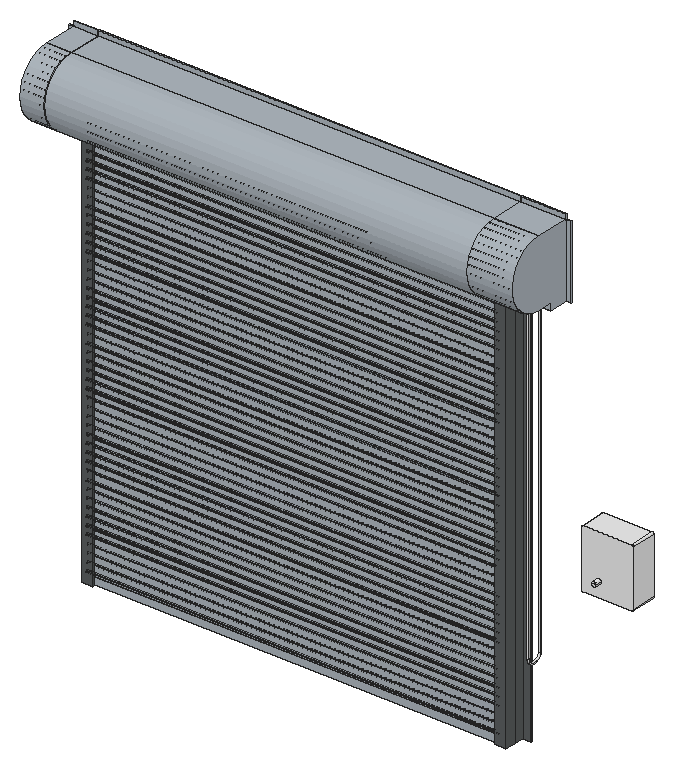
Revit family "Doors_Industrial_Wayne-Dalton_Advanced-Rolling-Door-System-Model-800C-ADV", category Specialty Equipment, host Wall, Revit 2023
Family settings
  Host = Wall
  Round Connector Dimension = Use Diameter
  Part Type = Normal
  OmniClass Number = 23.30.10.21.34
  OmniClass Title = Industrial Doors
  Enable Cutting in Views = No
  Always vertical = Yes
  Cut with Voids When Loaded = Yes
  Maintain Annotation Orientation = No
  Shared = No
  Room Calculation Point = No
Parameters (values of type "208 volts, one phase, 60 Hz (208-240V range)")
  X Motor [instance] = if(or(Opening Height < 72", Opening Height = 72"), 18 1/2", if(or(Opening Height < 108", Opening Height = 108"), 20", if(or(Opening Height < 168", Opening Height = 168"), 22", 22")))  # 22"
  X ChainH [instance] = if(or(Opening Height < 72", Opening Height = 72"), 18 1/2", if(or(Opening Height < 108", Opening Height = 108"), 20", if(or(Opening Height < 168", Opening Height = 168"), 22", 22")))  # 22"
  Warning Sign [instance] = if(Calculated Area > 683.00 SF, 1 = 1, 1 = 2)  # no
  Warning (Note) [instance] = if(Warning Sign, "The Door Area is out of the limit; please adjust accordingly. The maximum allowed area is 683 sq. ft.", " ")  # " "
  Wall Thickness [instance] = 6"
  Voltage = 208 V
  True Opening Width [instance] = Clear Width  # 120"
  True Opening Height [instance] = Clear Height  # 120"
  Slat Type [instance] = "№34"  # constant formula
  Slat Option [instance] = 2  # constant formula
  Slat Length [instance] = Clear Width + G Value * 2 - 1" / 2 * 2  # 126"
  Slat Height [instance] = if(Slat < 2, 13 205/256", 12 1/4")  # 12 1/4"
  Slat [instance] = if(Slat Option < 2, 1, if(Slat Option = 2, 2, if(Slat Option = 3, 3, 4)))  # 2
  Side Room Right [instance] = 18"  # constant formula
  Side Room Left [instance] = 12"  # constant formula
  Product Page URL = "https://www.wayne-dalton.com/advanced-rolling-door-systems-800adv"
  Power Factor = 1
  Powder Coat (Note) = "Wayne Dalton also offers approximately 200 RAL powder coat options to complement the exterior colors of a building."  # constant formula
  Operator Visibility = yes
  Opening Width Real [instance] = if(Opening Width > Max Opening Width, Max Opening Width, if(Opening Width < Min Opening Width, Min Opening Width, Opening Width))  # 120"
  Opening Width [instance] = 120"
  Opening Height Real [instance] = if(Opening Height > Max Opening Height, Max Opening Height, if(Opening Height < Min Opening Height, Min Opening Height, Opening Height))  # 120"
  Opening Height [instance] = 120"
  One Array element [instance] = not(Array Vis)  # no
  Number of Poles = 1
  Min Opening Width [instance] = 18"  # constant formula
  Min Opening Height [instance] = 24"  # constant formula
  Max Opening Width [instance] = 360"  # constant formula
  Max Opening Height [instance] = 360"  # constant formula
  Material Finish [instance] = 800C ADV : Standard - Gray
  M Value [instance] = if(or(Opening Width < 108", Opening Width = 108"), 5 3/4", if(or(Opening Width < 180", Opening Width = 180"), 6 1/4", if(or(Opening Width < 240", Opening Width = 240"), 7 1/4", 9 1/4")))  # 6 1/4"
  Jambs Offset L [instance] = 0"  # constant formula
  Jambs Offset R [instance] = 0"  # constant formula
  Installation Real [instance] = Wall Thickness  # 6"
  Hood Type [instance] = "Round Hood"  # constant formula
  Hood Offset [instance] = 2"  # constant formula
  Hood Material [instance] = Metal - Wayne Dalton - Gray
  Hood Height [instance] = if(Chain Hoist or Manual, Y ChainH - 2", Y Motor - 2")  # 20"
  Y Motor [instance] = if(or(Opening Height < 72", Opening Height = 72"), 18 1/2", if(or(Opening Height < 108", Opening Height = 108"), 20", if(or(Opening Height < 168", Opening Height = 168"), 22", 22")))  # 22"
  Y ChainH [instance] = if(or(Opening Height < 72", Opening Height = 72"), 18 1/2", if(or(Opening Height < 108", Opening Height = 108"), 20", if(or(Opening Height < 168", Opening Height = 168"), 22", 22")))  # 22"
  Headroom Height Lift [instance] = Y Motor + Hood Offset  # 24"
  Headroom Height [instance] = Headroom Height Lift + 1 1/2"  # 25 1/2"
  Guide Type [instance] = "Angled Z Guide"  # constant formula
  Guid Depth [instance] = D Value  # 6 1/4"
  G Value [instance] = if(or(Opening Width < 108", Opening Width = 108"), 3", if(or(Opening Width < 180", Opening Width = 180"), 3 1/2", if(or(Opening Width < 240", Opening Width = 240"), 4", 5 9/16")))  # 3 1/2"
  Frequency = 60 Hz
  Face Of Wall Mounting [instance] = not(Between Jambs Mounting)  # yes
  Door Width True [instance] = Clear Width + M Value * 2  # 132 1/2"
  Door Width (Real) [instance] = Clear Width + 1" / 2  # 120 1/2"
  Door Height True [instance] = Clear Width + Headroom Height  # 145 1/2"
  Door Height (Real) [instance] = Clear Height + Hood Offset  # 122"
  URL = "https://www.wayne-dalton.com/"
  Product data url = "https://www.bimobject.com/wayne-dalton/product/advanced-rolling-door-systems-800c-adv"
  Product Guid = "f01131cd-de44-4067-903c-a55bd3c12f99"
  Model = "800C ADV"  # constant formula
  Manufacturer = "Wayne Dalton"  # constant formula
  Wall Closure = By host
  Floor To (CL) of Shaft [instance] = Clear Height + Hood Offset + 2" + Hood Height / 2  # 134"
  Finish Material = Finish - Wayne Dalton - Black
  Description = "Model 800C ADV Insulated Advanced Rolling Door System R-Value 7.7, U-Factor 0.13, STC 22"  # constant formula
  Default Elevation = 0"
  D Value Clearance [instance] = D Value  # 6 1/4"
  D Value [instance] = if(or(Opening Width < 108", Opening Width = 108"), 5 11/16", if(or(Opening Width < 180", Opening Width = 180"), 6 1/4", if(or(Opening Width < 240", Opening Width = 240"), 6 3/16", 7 1/16")))  # 6 1/4"
  Clearance [instance] = no
  Clear Width [instance] = Opening Width Real  # 120"
  Clear Height [instance] = Opening Height Real  # 120"
  Chain Hoist or Manual = no
  Current = 20 A
  Between Jambs Mounting [instance] = 1 = 2  # no
  Bar [instance] = 1 = 1  # yes
  Backroom Depth [instance] = X Motor - 1 1/2"  # 20 1/2"
  BJ Opening Cut [instance] = 0"  # constant formula
  Array Vis [instance] = if(Array < 2, 1 = 2, 1 = 1)  # yes
  Array Real [instance] = if(Array < 2, 2, Array)  # 10
  Array Length [instance] = (Array) * Slat Height  # 122 1/2"
  Array [instance] = rounddown(([Door Height (Real)] - 3") / Slat Height) + 1  # 10
  Calculated Area [instance] = [Door Width (Real)] * [Door Height (Real)]  # 102.09 SF
  Apparent Load Phase 3 = if(Number of Poles = 1, 0 VA, (Voltage * Current * sqrt(3)) / 3)  # 0 VA
  Apparent Load Phase 2 = if(Number of Poles = 1, 0 VA, (Voltage * Current * sqrt(3)) / 3)  # 0 VA
  Apparent Load Phase 1 = if(Number of Poles = 1, Voltage * Current, (Voltage * Current * sqrt(3)) / 3)  # 4160 VA
Reference planes (in)
  plane 1 "Center (Front/Back)": y = -14.625
  plane 2 "Center (Left/Right)": x = 0
  plane 3 "Left": x = -60
  plane 4 "Right": x = 60
  plane 5 "Exterior": y = -8.625
  plane 6 "Interior": y = -14.625
  plane 7: z = 120
  plane 8 "Main": y = -20.23437
  plane 9 "Backroom Depth": y = -35.125
  plane 10 "Main Door Block": y = -14.625
  plane 11 "Bottom Bar": z = 2.75
  plane 12: y = -20.875
  plane 13: z = 125.25
  plane 14: z = 144
  plane 15: z = 122
  plane 16: z = 145.5
  plane 17: z = 0
  plane 18: z = 60
  plane 19: y = -20.125
  plane 20 "Double Main": y = -19.656
  plane 21 "Headroom Top": z = 145.5
  plane 22: z = 134
  plane 23: x = 63.5
  plane 24: x = -63.5
  plane 25: z = 113
  plane 26: z = 124
  plane 27: x = 62.75
  plane 28: z = 2.75
  plane 29: y = -20.125
  plane 30: z = 113
  plane 31: y = -20.125
  plane 32: z = 15
  plane 33: y = -20.125
  plane 34: z = 27.25
  plane 35: y = -20.125
  plane 36: z = 39.5
  plane 37: y = -20.125
  plane 38: z = 51.75
  plane 39: y = -20.125
  plane 40: z = 64
  plane 41: y = -20.125
  plane 42: z = 76.25
  plane 43: y = -20.125
  plane 44: z = 88.5
  plane 45: y = -20.125
  plane 46: z = 100.75
  plane 47: y = -20.125
Forms (in)
  Extrusion 1, void
    sketch origin (0, -14.625, 0) x (0, 0, -1) y (-1, 0, 0)
      loop
        line (-120, 60) -> (-120, -60) -> (0, -60) -> (0, 60) -> (-120, 60)
    from 0 to 6
  Extrusion 2, solid, material "Metal - Wayne Dalton - Gray" <- "Hood Material", visible <- "Bar"
    sketch origin (0, 0, 0) x (0, 1, 0) y (0, 0, 1)
      loop
        line (-14.875, 144) -> (-14.625, 144) -> (-14.625, 145.5) -> (-14.875, 145.5) -> (-14.875, 144)
    from -63.25 to 63.25
  Extrusion 3, solid, material "Clearance - Wayne Dalton - Red", visible <- "Clearance"
    sketch origin (0, 0, 0) x (1, 0, 0) y (0, 1, 0)
      loop
        line (78.25, -14.625) -> (60.25, -14.625) -> (60.25, -20.875) -> (78.25, -20.875) -> (78.25, -14.625)
      loop
        line (-60.25, -14.625) -> (-72.25, -14.625) -> (-72.25, -20.875) -> (-60.25, -20.875) -> (-60.25, -14.625)
    from 0 to 122
Lines and regions (in)
  symbolic lines, visible <- "Bar"
    curve 1: line (63.25, -14.625, 0) -> (-63.25, -14.625, 0)
    curve 2: line (-63.25, -14.875, 0) -> (63.25, -14.875, 0)
Text (in)
  text "Exterior" at (-74.96733, 27.31104, 0), in view "Ref. Level"
  text "Interior" at (-74.96733, -25.14366, 0), in view "Ref. Level"
  text "Exterior" at (0, 40.15149, 123.01588), in view "Right"
  text "Interior" at (0, -64.39139, 123.01588), in view "Right"
  text "Interior" at (0, -31.01599, 123.00693), in view "Left"
  text "Exterior" at (0, 54.57065, 123.00693), in view "Left"
Dimensions and locks (in)
  equal spacing: plane 3 "Left", plane 2 "Center (Left/Right)", plane 4 "Right"
  "Clear Width": plane 3 "Left" to plane 4 "Right"
  level to host wall = 459.59655"
  "Clear Height": level to plane 7
  locked: plane 11 "Bottom Bar" to level at 2.75
  locked: plane 12 to plane 8 "Main" at 0.64063
  "Array Length": plane 13 to plane 11 "Bottom Bar"
  "Backroom Depth": plane 9 "Backroom Depth" to plane 10 "Main Door Block"
  locked: plane 16 to plane 14 at 1.5
  locked: Extrusion 2 sketch curve to Extrusion 2 sketch curve at 0.25
  "Installation Real": plane 1 "Center (Front/Back)" to plane 5 "Exterior"
  "Wall Thickness": host wall to host wall
  equal spacing: plane 7, plane 18, plane 17
  locked: plane 8 "Main" to plane 19 at 0.10937
  locked: plane 8 "Main" to plane 20 "Double Main" at 0.57837
  "BJ Opening Cut": Extrusion 1 sketch curve to plane 7
  locked: Extrusion 2 sketch curve to Extrusion 2 sketch curve at 1.5
  "Hood Offset": plane 15 to plane 7
  "Headroom Height": plane 21 "Headroom Top" to plane 7
  "Floor To (CL) of Shaft": plane 22 to level
  "Jambs Offset R": plane 4 "Right" to Extrusion 1 sketch curve
  "Jambs Offset L": Extrusion 1 sketch curve to plane 3 "Left"
  "G Value": plane 23 to plane 4 "Right"
  "G Value": plane 3 "Left" to plane 24
  "Guid Depth": plane 12 to plane 1 "Center (Front/Back)"
  "Slat Height": plane 13 to plane 25
  equal spacing: group 1, group 3, group 4, group 5, group 6, group 7, group 8, group 9, group 10, group 2  (x3)
  locked: plane 23 to Extrusion 2 at 0.25
  locked: plane 24 to Extrusion 2 at 0.25
  locked: plane 26 to plane 15 at 2
  "Hood Height": plane 14 to plane 26
  locked: plane 4 "Right" to plane 27 at 2.75
  "D Value Clearance": Extrusion 3 sketch curve to Extrusion 3 sketch curve
  locked: plane 4 "Right" to Extrusion 3 sketch curve at 0.25
  "Side Room Right": Extrusion 3 sketch curve to Extrusion 3 sketch curve
  locked: Extrusion 3 sketch curve to plane 3 "Left" at 0.25
  "Side Room Left": Extrusion 3 sketch curve to Extrusion 3 sketch curve
  aligned and locked: plane 5 "Exterior" to host wall
  aligned and locked: host wall to plane 6 "Interior"
  aligned and locked: level to Extrusion 1 sketch curve
  aligned and locked: Extrusion 1 to plane 5 "Exterior"
  aligned and locked: plane 6 "Interior" to Extrusion 1
  aligned and locked: Extrusion 2 sketch curve to plane 16
  aligned and locked: Extrusion 2 sketch curve to plane 6 "Interior"
  aligned and locked: curve 1 to Extrusion 2  (x2)
  aligned and locked: curve 2 to Extrusion 2  (x2)
  aligned and locked: Extrusion 2 to curve 2
  aligned and locked: level to plane 17
  aligned and locked: plane 2 "Center (Left/Right)" to nested 1
  aligned and locked: nested 2 to plane 2 "Center (Left/Right)"
  aligned and locked: nested 3 to plane 18
  aligned and locked: plane 2 "Center (Left/Right)" to nested 3
  aligned and locked: plane 11 "Bottom Bar" to nested 5
  aligned and locked: plane 19 to nested 5
  aligned and locked: nested 3 to plane 19
  aligned and locked: plane 17 to nested 12
  aligned and locked: nested 12 to plane 2 "Center (Left/Right)"
  aligned and locked: nested 12 to plane 1 "Center (Front/Back)"
  aligned and locked: Extrusion 3 sketch curve to plane 1 "Center (Front/Back)"
  aligned and locked: plane 1 "Center (Front/Back)" to Extrusion 3 sketch curve
  aligned and locked: Extrusion 3 sketch curve to Extrusion 3 sketch curve
  aligned and locked: Extrusion 3 to level
  aligned and locked: plane 15 to Extrusion 3
  aligned and locked: plane 11 "Bottom Bar" to plane 28
  aligned and locked: plane 19 to plane 29
  aligned and locked: plane 25 to plane 30
  aligned and locked: plane 31 to plane 19
  aligned and locked: plane 10 "Main Door Block" to plane 1 "Center (Front/Back)"
Automatic sketch dimensions
  plane 23 to curve 1 = 1/4"
Nested families (in)
  nested 1: "Label Annotation 1" at (0, 18.375, 0), visible <- "Warning Sign", type "Label Annotation 1"
  nested 2: "Label Annotation 1" at (0, -41.625, 0) x (-1, 0, 0) z (0, 0, 1), visible <- "Warning Sign", type "Label Annotation 1"
  nested 3: "Warning Sign" at (0, -20.125, 60), visible <- "Warning Sign", type "Warning Sign"
    with Warning Sign no
  nested 4: "800C ADV" at (0, -20.125, 2.75), Slat Option <- "Slat Option", Opening Width <- "Slat Length", type <- "Material Finish", visible <- "Array Vis", type "Standard - Gray"
    with Void Width 3/4", Void Offset 1", Void Height 3/4", Slat Width 3/4", Slat Position + Offset 13.146", Slat Position 12 1/4", Slat Option 2, Secure-Vent no, Profile #34 yes, Perforation no, Opening Width 126", Integrated Cutout no, Half Void Width 3/8", Fenestration no, Cutout Width Offset 1", Cutout Vertical Offset 0.896", #4 no, # 34 yes
  nested 5: "800C ADV" at (0, -20.125, 2.75), visible <- "One Array element", Slat Option <- "Slat Option", Opening Width <- "Slat Length", type <- "Material Finish", type "Standard - Gray"
    with Void Width 3/4", Void Offset 1", Void Height 3/4", Slat Width 3/4", Slat Position + Offset 13.146", Slat Position 12 1/4", Slat Option 2, Secure-Vent no, Profile #34 yes, Perforation no, Opening Width 126", Integrated Cutout no, Half Void Width 3/8", Fenestration no, Cutout Width Offset 1", Cutout Vertical Offset 0.896", #4 no, # 34 yes
  nested 6: "800C ADV" at (0, -20.125, 113), Slat Option <- "Slat Option", Opening Width <- "Slat Length", type <- "Material Finish", visible <- "Array Vis", type "Standard - Gray"
    with Void Width 3/4", Void Offset 1", Void Height 3/4", Slat Width 3/4", Slat Position + Offset 13.146", Slat Position 12 1/4", Slat Option 2, Secure-Vent no, Profile #34 yes, Perforation no, Opening Width 126", Integrated Cutout no, Half Void Width 3/8", Fenestration no, Cutout Width Offset 1", Cutout Vertical Offset 0.896", #4 no, # 34 yes
  nested 7: "800C ADV" at (0, -20.125, 15), Slat Option <- "Slat Option", Opening Width <- "Slat Length", type <- "Material Finish", visible <- "Array Vis", type "Standard - Gray"
    with Void Width 3/4", Void Offset 1", Void Height 3/4", Slat Width 3/4", Slat Position + Offset 13.146", Slat Position 12 1/4", Slat Option 2, Secure-Vent no, Profile #34 yes, Perforation no, Opening Width 126", Integrated Cutout no, Half Void Width 3/8", Fenestration no, Cutout Width Offset 1", Cutout Vertical Offset 0.896", #4 no, # 34 yes
  nested 8: "800C ADV" at (0, -20.125, 27.25), Slat Option <- "Slat Option", Opening Width <- "Slat Length", type <- "Material Finish", visible <- "Array Vis", type "Standard - Gray"
    with Void Width 3/4", Void Offset 1", Void Height 3/4", Slat Width 3/4", Slat Position + Offset 13.146", Slat Position 12 1/4", Slat Option 2, Secure-Vent no, Profile #34 yes, Perforation no, Opening Width 126", Integrated Cutout no, Half Void Width 3/8", Fenestration no, Cutout Width Offset 1", Cutout Vertical Offset 0.896", #4 no, # 34 yes
  nested 9: "800C ADV" at (0, -20.125, 39.5), Slat Option <- "Slat Option", Opening Width <- "Slat Length", type <- "Material Finish", visible <- "Array Vis", type "Standard - Gray"
    with Void Width 3/4", Void Offset 1", Void Height 3/4", Slat Width 3/4", Slat Position + Offset 13.146", Slat Position 12 1/4", Slat Option 2, Secure-Vent no, Profile #34 yes, Perforation no, Opening Width 126", Integrated Cutout no, Half Void Width 3/8", Fenestration no, Cutout Width Offset 1", Cutout Vertical Offset 0.896", #4 no, # 34 yes
  nested 10: "800C ADV" at (0, -20.125, 51.75), Slat Option <- "Slat Option", Opening Width <- "Slat Length", type <- "Material Finish", visible <- "Array Vis", type "Standard - Gray"
    with Void Width 3/4", Void Offset 1", Void Height 3/4", Slat Width 3/4", Slat Position + Offset 13.146", Slat Position 12 1/4", Slat Option 2, Secure-Vent no, Profile #34 yes, Perforation no, Opening Width 126", Integrated Cutout no, Half Void Width 3/8", Fenestration no, Cutout Width Offset 1", Cutout Vertical Offset 0.896", #4 no, # 34 yes
  nested 11: "800C ADV" at (0, -20.125, 64), Slat Option <- "Slat Option", Opening Width <- "Slat Length", type <- "Material Finish", visible <- "Array Vis", type "Standard - Gray"
    with Void Width 3/4", Void Offset 1", Void Height 3/4", Slat Width 3/4", Slat Position + Offset 13.146", Slat Position 12 1/4", Slat Option 2, Secure-Vent no, Profile #34 yes, Perforation no, Opening Width 126", Integrated Cutout no, Half Void Width 3/8", Fenestration no, Cutout Width Offset 1", Cutout Vertical Offset 0.896", #4 no, # 34 yes
  nested 12: "Lifts" at (0, -14.625, 0) x (-1, 0, 0) z (0, 0, 1), type "Frame Unit"
    with Round Hood yes, Right Motor Position yes, No Hood no, Hood Height 22", Headroom Height Real 24", Half Hood Height 22", Shaft Offset 10", Radius Hood 10", Headroom Height 24", Header Width 20 1/2", Floor To (CL) of Shaft 134"
  nested 13: "800C ADV" at (0, -20.125, 76.25), Slat Option <- "Slat Option", Opening Width <- "Slat Length", type <- "Material Finish", visible <- "Array Vis", type "Standard - Gray"
    with Void Width 3/4", Void Offset 1", Void Height 3/4", Slat Width 3/4", Slat Position + Offset 13.146", Slat Position 12 1/4", Slat Option 2, Secure-Vent no, Profile #34 yes, Perforation no, Opening Width 126", Integrated Cutout no, Half Void Width 3/8", Fenestration no, Cutout Width Offset 1", Cutout Vertical Offset 0.896", #4 no, # 34 yes
  nested 14: "800C ADV" at (0, -20.125, 88.5), Slat Option <- "Slat Option", Opening Width <- "Slat Length", type <- "Material Finish", visible <- "Array Vis", type "Standard - Gray"
    with Void Width 3/4", Void Offset 1", Void Height 3/4", Slat Width 3/4", Slat Position + Offset 13.146", Slat Position 12 1/4", Slat Option 2, Secure-Vent no, Profile #34 yes, Perforation no, Opening Width 126", Integrated Cutout no, Half Void Width 3/8", Fenestration no, Cutout Width Offset 1", Cutout Vertical Offset 0.896", #4 no, # 34 yes
  nested 15: "800C ADV" at (0, -20.125, 100.75), Slat Option <- "Slat Option", Opening Width <- "Slat Length", type <- "Material Finish", visible <- "Array Vis", type "Standard - Gray"
    with Void Width 3/4", Void Offset 1", Void Height 3/4", Slat Width 3/4", Slat Position + Offset 13.146", Slat Position 12 1/4", Slat Option 2, Secure-Vent no, Profile #34 yes, Perforation no, Opening Width 126", Integrated Cutout no, Half Void Width 3/8", Fenestration no, Cutout Width Offset 1", Cutout Vertical Offset 0.896", #4 no, # 34 yes
Connectors (in)
  electrical at (95, -22.165, 59.98825), driven by "Apparent Load Phase 1", driven by "Apparent Load Phase 2", driven by "Apparent Load Phase 3", driven by "Power Factor", driven by "Voltage", driven by "Number of Poles"
    settings: on nested 12, index 1, voltage 208 V, apparent load 0 VA, apparent load phase1 4160 VA, apparent load phase2 0 VA, apparent load phase3 0 VA, power factor 1, load classification "Other", number of poles 1, system type 31, power factor state 1, is connector primary yes, connector utility no, sub classification motor no, connector description "Electrical Connector"
Definition of nested family "800C ADV"
  Parameters (values of type "Standard - Biege")
    Void Width [instance] = 3/4"  # constant formula
    Void Offset [instance] = if(Integrated Cutout, 0", 1")  # 1"
    Void Height [instance] = if([Secure-Vent], 2.2", 3/4")  # 3/4"
    Standard = yes
    Slat Width [instance] = if(Slat Option < 2, 7/8", 3/4")  # 7/8"
    Slat Position + Offset [instance] = Slat Position + Cutout Vertical Offset  # 14.696"
    Slat Position [instance] = if(Slat Option < 2, 2.76" * 5, 2.45" * 5)  # 13.8"
    Slat Option [instance] = 1
    Secure-Vent [instance] = if(Slat Option > 2, 1 = 1, 1 = 2)  # no
    Rough Height = 0"
    Profile #34 [instance] = or(# 34, [Secure-Vent])  # no
    Perforation [instance] = [Secure-Vent]  # no
    Half Void Width [instance] = Void Width / 2  # 3/8"
    Fenestration Large = no
    Fenestration [instance] = if(and(Integrated Cutout, not(Perforation)), 1 = 1, 1 = 2)  # no
    Cutout Width Offset [instance] = 1"  # constant formula
    Cutout Material Perforation = none
    Cutout Material = none
    Panel Material = none
    Opening Width [instance] = 123 5/8"
    Cutout Vertical Offset [instance] = 0.896"  # constant formula
    Default Elevation = 48"
    Integrated Cutout [instance] = if(and(Fenestration Large, Slat Option = 2), 1 = 1, if(and(Perforation, Slat Option > 2), 1 = 1, 1 = 2))  # no
    Analytic Construction = "<None>"
    #4 [instance] = if(Slat Option < 2, 1 = 1, 1 = 2)  # yes
    # 34 [instance] = if(Slat Option = 2, 1 = 1, 1 = 2)  # no
  Types (6): name | Standard | Fenestration Large
    Standard - White | yes | no
    Standard - Gray | yes | no
    Vision lites 0.75”x5” - Gray | no | yes
    Vision lites 0.75”x5” - Beige | no | yes
    Vision lites 0.75”x5” - White | no | yes
    Standard - Biege | yes | no
  Reference planes (in)
    plane 1 "Center (Front/Back)": y = 0
    plane 2: z = 0
    plane 3 "Center (Left/Right)": x = 0
    plane 4: x = -61.8125
    plane 5: x = 61.8125
    plane 6: y = 0.875
    plane 7: y = 0
    plane 8: y = 0.4375
    plane 9: y = 0.5
    plane 10: x = -60.8125
    plane 11: x = 60.8125
  Forms (in)
    Extrusion 1, solid, material <- "Panel Material", visible <- "Profile #34"
      sketch origin (0, -4.98186, 13.12534) x (0, 1, 0) y (0, 0, 1)
        loop
          arc (5.73195, -8.66795) -> (5.71054, -8.61155) -> (5.65711, -8.58356) r 0.085
          line (5.65711, -8.58356) -> (5.18025, -8.52611) -> (5.64695, -8.52611)
          arc (5.64695, -8.52611) -> (5.70705, -8.50122) -> (5.73195, -8.44111) r 0.085
          line (5.73195, -8.44111) -> (5.73195, -6.21795)
          arc (5.73195, -6.21795) -> (5.71054, -6.16155) -> (5.65711, -6.13356) r 0.085
          line (5.65711, -6.13356) -> (5.18025, -6.07611) -> (5.64695, -6.07611)
          arc (5.64695, -6.07611) -> (5.70705, -6.05122) -> (5.73195, -5.99111) r 0.085
          line (5.73195, -5.99111) -> (5.73195, -3.76795)
          arc (5.73195, -3.76795) -> (5.71054, -3.71155) -> (5.65711, -3.68356) r 0.085
          line (5.65711, -3.68356) -> (5.18025, -3.62611) -> (5.64695, -3.62611)
          arc (5.64695, -3.62611) -> (5.70705, -3.60122) -> (5.73195, -3.54111) r 0.085
          line (5.73195, -3.54111) -> (5.73195, -1.31795)
          arc (5.73195, -1.31795) -> (5.71054, -1.26155) -> (5.65711, -1.23356) r 0.085
          line (5.65711, -1.23356) -> (5.06395, -1.16211)
          arc (5.06395, -1.16211) -> (5.04824, -1.15387) -> (5.04194, -1.13729) r 0.025
          line (5.04194, -1.13729) -> (5.04194, -1.02403)
          arc (5.04194, -1.02403) -> (5.39312, -0.79238) -> (4.98194, -0.88137) r 0.214
          line (4.98194, -0.88137) -> (4.98194, -3.07421)
          arc (4.98194, -3.07421) -> (5.3755, -3.06636) -> (5.67195, -3.32534) r 0.54569
          line (5.67195, -3.32534) -> (5.67195, -3.54111)
          arc (5.67195, -3.54111) -> (5.66462, -3.55879) -> (5.64695, -3.56611) r 0.025
          line (5.64695, -3.56611) -> (5.04194, -3.56611) -> (5.04194, -3.47403)
          arc (5.04194, -3.47403) -> (5.39312, -3.24238) -> (4.98194, -3.33137) r 0.214
          line (4.98194, -3.33137) -> (4.98194, -5.52421)
          arc (4.98194, -5.52421) -> (5.3755, -5.51636) -> (5.67195, -5.77534) r 0.54569
          line (5.67195, -5.77534) -> (5.67195, -5.99111)
          arc (5.67195, -5.99111) -> (5.66462, -6.00879) -> (5.64695, -6.01611) r 0.025
          line (5.64695, -6.01611) -> (5.04194, -6.01611) -> (5.04194, -5.92403)
          arc (5.04194, -5.92403) -> (5.39312, -5.69238) -> (4.98194, -5.78137) r 0.214
          line (4.98194, -5.78137) -> (4.98194, -7.97421)
          arc (4.98194, -7.97421) -> (5.3755, -7.96636) -> (5.67195, -8.22534) r 0.54569
          line (5.67195, -8.22534) -> (5.67195, -8.44111)
          arc (5.67195, -8.44111) -> (5.66462, -8.45879) -> (5.64695, -8.46611) r 0.025
          line (5.64695, -8.46611) -> (5.04194, -8.46611) -> (5.04194, -8.37403)
          arc (5.04194, -8.37403) -> (5.39312, -8.14238) -> (4.98194, -8.23137) r 0.214
          line (4.98194, -8.23137) -> (4.98194, -10.42421)
          arc (4.98194, -10.42421) -> (5.3755, -10.41636) -> (5.67195, -10.67534) r 0.54569
          line (5.67195, -10.67534) -> (5.67195, -10.89111)
          arc (5.67195, -10.89111) -> (5.66462, -10.90879) -> (5.64695, -10.91611) r 0.025
          line (5.64695, -10.91611) -> (5.04194, -10.91611) -> (5.04194, -10.82403)
          arc (5.04194, -10.82403) -> (5.39312, -10.59238) -> (4.98194, -10.68137) r 0.214
          line (4.98194, -10.68137) -> (4.98194, -12.87421)
          arc (4.98194, -12.87421) -> (5.3755, -12.86636) -> (5.67195, -13.12534) r 0.54569
          line (5.67195, -13.12534) -> (5.67195, -13.34111)
          arc (5.67195, -13.34111) -> (5.66462, -13.35879) -> (5.64695, -13.36611) r 0.025
          line (5.64695, -13.36611) -> (5.04195, -13.36611) -> (5.04195, -13.2739)
          arc (5.04195, -13.2739) -> (5.39421, -13.04524) -> (4.98195, -13.12534) r 0.21392
          line (4.98195, -13.12534) -> (4.98195, -13.34111)
          arc (4.98195, -13.34111) -> (5.00684, -13.40122) -> (5.06695, -13.42611) r 0.085
          line (5.06695, -13.42611) -> (5.64695, -13.42611)
          arc (5.64695, -13.42611) -> (5.70705, -13.40122) -> (5.73195, -13.34111) r 0.085
          line (5.73195, -13.34111) -> (5.73195, -11.11795)
          arc (5.73195, -11.11795) -> (5.71054, -11.06155) -> (5.65711, -11.03356) r 0.085
          line (5.65711, -11.03356) -> (5.18025, -10.97611) -> (5.64695, -10.97611)
          arc (5.64695, -10.97611) -> (5.70705, -10.95122) -> (5.73195, -10.89111) r 0.085
          line (5.73195, -10.89111) -> (5.73195, -8.66795)
      from -61.8125 to 61.8125
    Extrusion 2, void
      sketch origin (0, 0, 0) x (0, 1, 0) y (0, 0, 1)
        loop
          line (1.125, 1.271) -> (1.125, 0.521) -> (1.875, 0.521) -> (1.875, 1.271) -> (1.125, 1.271)
        loop
          line (1.125, 4.031) -> (1.125, 3.281) -> (1.875, 3.281) -> (1.875, 4.031) -> (1.125, 4.031)
        loop
          line (1.125, 6.791) -> (1.125, 6.041) -> (1.875, 6.041) -> (1.875, 6.791) -> (1.125, 6.791)
        loop
          line (1.125, 9.551) -> (1.125, 8.801) -> (1.875, 8.801) -> (1.875, 9.551) -> (1.125, 9.551)
        loop
          line (1.125, 12.311) -> (1.125, 11.561) -> (1.875, 11.561) -> (1.875, 12.311) -> (1.125, 12.311)
      from -60.8125 to 60.8125
  Cuts and joins
    Extrusion 2 cuts Extrusion 1
  Lines and regions (in)
    reference lines
      curve 1: line (0, -4.98186, 12.78) -> (0, 10.3327, 12.78)
      curve 2: line (0, -2.86663, 14.696) -> (0, 7.97837, 14.696)
      curve 3: line (0, -2.86663, 11.936) -> (0, 7.97837, 11.936)
      curve 4: line (0, -2.86663, 9.176) -> (0, 7.97837, 9.176)
      curve 5: line (0, -2.86663, 6.416) -> (0, 7.97837, 6.416)
      curve 6: line (0, -2.86663, 0.896) -> (0, 7.97837, 0.896)
      curve 7: line (0, -2.86663, 3.656) -> (0, 7.97837, 3.656)
  Dimensions and locks (in)
    equal spacing: plane 4, plane 3 "Center (Left/Right)", plane 5
    "Opening Width": plane 4 to plane 5
    "Slat Width": plane 1 "Center (Front/Back)" to plane 6
    equal spacing: plane 1 "Center (Front/Back)", plane 8, plane 6
    "Half Void Width": plane 9 to plane 6
    "Cutout Width Offset": plane 4 to plane 10
    "Cutout Width Offset": plane 5 to plane 11
    "Void Height": Extrusion 2 sketch curve to Extrusion 2 sketch curve  (x5)
    "Void Width": Extrusion 2 sketch curve to Extrusion 2 sketch curve
    "Void Offset": plane 6 to Extrusion 2 sketch curve
    locked: curve 1 to level at 12.78
    "Slat Position": curve 6 to curve 2
    equal spacing: Extrusion 2 sketch curve, curve 3, Extrusion 2 sketch curve
    equal spacing: Extrusion 2 sketch curve, curve 4, Extrusion 2 sketch curve
    equal spacing: Extrusion 2 sketch curve, curve 6, Extrusion 2 sketch curve
    equal spacing: Extrusion 2 sketch curve, curve 5, Extrusion 2 sketch curve
    equal spacing: curve 6, curve 7, curve 5, curve 4, curve 3, curve 2
    equal spacing: Extrusion 2 sketch curve, curve 7, Extrusion 2 sketch curve
    "Cutout Vertical Offset": curve 6 to plane 2
    aligned and locked: plane 2 to level
    aligned and locked: plane 1 "Center (Front/Back)" to plane 7
    aligned and locked: plane 5 to Extrusion 1
    aligned and locked: plane 4 to Extrusion 1
    aligned and locked: plane 9 to nested 1
    aligned and locked: plane 3 "Center (Left/Right)" to nested 1
    aligned and locked: Extrusion 2 sketch curve to Extrusion 2 sketch curve  (x8)
    aligned and locked: plane 10 to Extrusion 2
    aligned and locked: plane 11 to Extrusion 2
    aligned and locked: plane 3 "Center (Left/Right)" to nested 2
    aligned and locked: plane 3 "Center (Left/Right)" to nested 3
    aligned and locked: plane 3 "Center (Left/Right)" to nested 4
    aligned and locked: plane 3 "Center (Left/Right)" to nested 5
    aligned and locked: plane 9 to nested 2
    aligned and locked: plane 9 to nested 3
    aligned and locked: plane 9 to nested 4
    aligned and locked: plane 9 to nested 5
    aligned and locked: plane 9 to nested 10
    aligned and locked: plane 9 to nested 9
    aligned and locked: plane 9 to nested 8
    aligned and locked: plane 9 to nested 7
    aligned and locked: plane 9 to nested 6
  Automatic sketch dimensions
    plane 1 "Center (Front/Back)" to curve 1 = 4.98186"
    plane 1 "Center (Front/Back)" to curve 7 = 2.86663"
    curve 1 to curve 2 = 2.11523"
    curve 5 to curve 7 = 0"
    curve 3 to curve 2 = 0"  (x2)
    curve 6 to curve 7 = 0"
    curve 4 to curve 3 = 0"
    curve 2 to plane 6 = 7.10337"
    curve 5 to plane 6 = 7.10337"
    curve 4 to curve 5 = 0"
    curve 6 to curve 5 = 0"
    curve 7 to curve 5 = 0"
    curve 2 to curve 1 = 2.35433"
    Extrusion 1 sketch curve to Extrusion 1 sketch curve = 0"  (x26)
    curve 1 to Extrusion 1 sketch curve = 4.98194"
    curve 1 to Extrusion 1 sketch curve = 0.53603"
    Extrusion 1 sketch curve to Extrusion 1 sketch curve = 0.06"  (x9)
    curve 1 to Extrusion 1 sketch curve = 0.81676"
    Extrusion 1 sketch curve to Extrusion 1 sketch curve = 0.02201"
    Extrusion 1 sketch curve to Extrusion 1 sketch curve = 0.00299"
    Extrusion 1 sketch curve to Extrusion 1 sketch curve = 0.025"  (x6)
    Extrusion 1 sketch curve to Extrusion 1 sketch curve = 0.1383"  (x4)
    Extrusion 1 sketch curve to Extrusion 1 sketch curve = 0.00862"  (x4)
    Extrusion 1 sketch curve to Extrusion 1 sketch curve = 0.12192"
    Extrusion 1 sketch curve to Extrusion 1 sketch curve = 0.21392"  (x5)
    Extrusion 1 sketch curve to Extrusion 1 sketch curve = 0.15392"
    Extrusion 1 sketch curve to Extrusion 1 sketch curve = 0.45808"  (x5)
    Extrusion 1 sketch curve to Extrusion 1 sketch curve = 0.58299"
    Extrusion 1 sketch curve to Extrusion 1 sketch curve = 0.01017"  (x5)
    curve 1 to Extrusion 1 sketch curve = 3.33821"
    curve 1 to Extrusion 1 sketch curve = 0.88821"
    Extrusion 1 sketch curve to Extrusion 1 sketch curve = 0.085"
    Extrusion 1 sketch curve to Extrusion 1 sketch curve = 1.75626"  (x4)
    Extrusion 1 sketch curve to Extrusion 1 sketch curve = 0.25114"  (x4)
    Extrusion 1 sketch curve to Extrusion 1 sketch curve = 0.00603"  (x3)
    Extrusion 1 sketch curve to Extrusion 1 sketch curve = 0.21577"  (x4)
    Extrusion 1 sketch curve to Extrusion 1 sketch curve = 0.2538"
    Extrusion 1 sketch curve to Extrusion 1 sketch curve = 0.06721"
    Extrusion 1 sketch curve to Extrusion 1 sketch curve = 0.04697"
    Extrusion 1 sketch curve to Extrusion 1 sketch curve = 0.09209"
    Extrusion 1 sketch curve to Extrusion 1 sketch curve = 0.14265"
    Extrusion 1 sketch curve to Extrusion 1 sketch curve = 0.11326"
  Nested families (in)
    nested 1: "Perforation" at (0, 0.5, 0.896), visible <- "Fenestration", Perforation <- "Cutout Material", type "Perforation"
      with Thickness 3/4"
    nested 2: "Perforation" at (0, 0.5, 3.656), visible <- "Fenestration", Perforation <- "Cutout Material", type "Perforation"
      with Thickness 3/4"
    nested 3: "Perforation" at (0, 0.5, 6.416), visible <- "Fenestration", Perforation <- "Cutout Material", type "Perforation"
      with Thickness 3/4"
    nested 4: "Perforation" at (0, 0.5, 9.176), visible <- "Fenestration", Perforation <- "Cutout Material", type "Perforation"
      with Thickness 3/4"
    nested 5: "Perforation" at (0, 0.5, 11.936), visible <- "Fenestration", Perforation <- "Cutout Material", type "Perforation"
      with Thickness 3/4"
    nested 6: "Perforation" at (0, 0.5, 11.936), visible <- "Perforation", Perforation <- "Cutout Material Perforation", type "Perforation"
      with Perforation none, Thickness 3/4"
    nested 7: "Perforation" at (0, 0.5, 9.176), visible <- "Perforation", Perforation <- "Cutout Material Perforation", type "Perforation"
      with Perforation none, Thickness 3/4"
    nested 8: "Perforation" at (0, 0.5, 6.416), visible <- "Perforation", Perforation <- "Cutout Material Perforation", type "Perforation"
      with Perforation none, Thickness 3/4"
    nested 9: "Perforation" at (0, 0.5, 3.656), visible <- "Perforation", Perforation <- "Cutout Material Perforation", type "Perforation"
      with Perforation none, Thickness 3/4"
    nested 10: "Perforation" at (0, 0.5, 0.896), visible <- "Perforation", Perforation <- "Cutout Material Perforation", type "Perforation"
      with Perforation none, Thickness 3/4"
  Definition of nested family "Perforation"
    Parameters (values of type "Perforation")
      Thickness = 0.06"
      Perforation [instance] = none
      Opening Width = 123 5/8"
      Offset = 1"
      Height = 3/4"
      Default Elevation = 48"
    Reference planes (in)
      plane 1 "Center (Front/Back)": y = 0
      plane 2: z = 0
      plane 3 "Center (Left/Right)": x = 0
      plane 4: z = 0.375
      plane 5: z = -0.375
      plane 6: y = -0.03
      plane 7: y = 0.03
      plane 8: x = -61.8125
      plane 9: x = 61.8125
      plane 10: x = -60.8125
      plane 11: x = 60.8125
    Forms (in)
      Extrusion 1, solid, material <- "Perforation"
        sketch origin (0, -0.19, 0) x (0, 1, 0) y (0, 0, 1)
          loop
            line (0.16, 0.375) -> (0.16, -0.375) -> (0.22, -0.375) -> (0.22, 0.375) -> (0.16, 0.375)
        from -60.8125 to 60.8125
    Dimensions and locks (in)
      equal spacing: plane 4, level, plane 5
      "Height": plane 4 to plane 5
      equal spacing: plane 6, plane 1 "Center (Front/Back)", plane 7
      "Thickness": plane 6 to plane 7
      "Opening Width": plane 8 to plane 9
      "Offset": plane 8 to plane 10
      "Offset": plane 9 to plane 11
      equal spacing: plane 8, plane 3 "Center (Left/Right)", plane 9
      aligned and locked: plane 2 to level
      aligned and locked: plane 4 to Extrusion 1
      aligned and locked: Extrusion 1 to plane 5
      aligned and locked: plane 6 to Extrusion 1
      aligned and locked: plane 7 to Extrusion 1
      aligned and locked: Extrusion 1 to plane 10
      aligned and locked: plane 11 to Extrusion 1
    Automatic sketch dimensions
      Extrusion 1 sketch curve to level = 3/8"
      plane 1 "Center (Front/Back)" to Extrusion 1 sketch curve = 0.03"
      Extrusion 1 sketch curve to plane 1 "Center (Front/Back)" = 0.03"
      plane 4 to Extrusion 1 sketch curve = 0"
Definition of nested family "Lifts"
  Parameters (values of type "Frame Unit")
    True Width = if(Between Jambs, Opening Width, Opening Width + 1/2")  # 120 1/2"
    Slat Option = 1
    Side Clearance R Real = Side Clearance R + 1/4"  # 18 1/4"
    Side Clearance R = 18"
    Side Clearance L Real = Side Clearance L + 1/4"  # 12 1/4"
    Side Clearance L = 12"
    Round Hood [instance] = 1 = 1  # yes
    Rough Width = 0"
    Rough Height = 0"
    Right Motor Position [instance] = yes
    No Hood [instance] = no
    M Value = 6 1/4"
    Hood Offset = 2"
    Hood Height = Headroom Height Real - Hood Offset  # 18 1/2"
    Headroom Height Real = Headroom Height  # 20 1/2"
    Half Hood Height = Headroom Height - Hood Offset  # 18 1/2"
    Guide Z Wide R = M Value - G Value  # 2 3/4"
    Guide Z Wide L = M Value - G Value  # 2 3/4"
    Guide Offset R = BJ Displacement R + G Value  # 3 1/2"
    Guide Offset L = BJ Displacement L + G Value  # 3 1/2"
    G Value = 3 1/2"
    E Guide Width R = if(Between Jambs, Guide Offset R - G Value, 3")  # 3"
    E Guide Width L = if(Between Jambs, Guide Offset L - G Value, 3")  # 3"
    E Guide Height = 3"  # constant formula
    Z Guide = 1 = 1  # yes
    Slat Material = none
    Shaft Offset = (Hood Height - 2") / 2  # 8 1/4"
    Shaft Material = none
    Shaft Length 2 = G Value + 4"  # 7 1/2"
    Shaft Length 1 = G Value + 4"  # 7 1/2"
    Setback = if(Between Jambs, 0", 1/4")  # 1/4"
    Radius Hood = Shaft Offset  # 8 1/4"
    Opening Width = 120"
    Hood Material = none
    Headroom Height = 20 1/2"
    Header Width = 17"
    Opening Height = 120"
    Guide Type = if(Between Jambs, "Angled Between Jambs Z Guide", if(Guide Option > 1, "Angled Z Guide", "Angled E Guide"))  # "Angled Z Guide"
    Guide Option = if(Between Jambs, 1, 2)  # 2
    Guide Z Height = 3"  # constant formula
    Floor To (CL) of Shaft = 132 1/4"
    Finish Material = none
    Face to Wall Mount = not(Between Jambs)  # yes
    E Guide = if(Between Jambs, 1 = 1, 1 = 2)  # no
    Default Elevation = 0"
    D Value = 6 1/4"
    Chain offset = if(Opening Height < 35", Opening Height - 5", 30")  # 30"
    Between Jambs = no
    BJ Position = if(Between Jambs, 1/4", 0")  # 0"
    BJ Displacement R = if(Face to Wall Mount, 0", Side Clearance R - G Value)  # 0"
    BJ Displacement L = if(Face to Wall Mount, 0", Side Clearance L - G Value)  # 0"
    Angled Guide = 1 = 1  # yes
  Reference planes (in)
    plane 1 "Center (Front/Back)": y = 0
    plane 2: z = 0
    plane 3 "Center (Left/Right)": x = 0
    plane 4 "Opening Height": z = 120
    plane 5: x = -67.5
    plane 6: x = 67.5
    plane 7: z = 140.5
    plane 8: y = 17
    plane 9 "Real Opening 2": x = -60
    plane 10 "Real Opening 1": x = 60
    plane 11: z = 122
    plane 12 "Main": y = 0
    plane 13: z = 132.25
    plane 14: x = 63.5
    plane 15: x = -63.5
    plane 16: x = -63.5
    plane 17: x = 63.5
    plane 18: y = 6.25
    plane 19: x = -63.25
    plane 20: x = 63.25
    plane 21: z = 142
    plane 22: y = 6.25
    plane 23: y = 5.125
    plane 24: y = 6.25
    plane 25: y = 5.125
    plane 26: x = 70.75
    plane 27: x = -76.75
    plane 28: x = 70.5
    plane 29: x = -76.5
    plane 30: x = -95
    plane 31: z = 60
    plane 32: y = 7.54
    plane 33: z = 124
    plane 34: z = 30
    plane 35: z = 0
    plane 36: x = -74
    plane 37: x = -78.25
    plane 38: x = 72.25
  Forms (in)
    Extrusion 1, solid, material <- "Slat Material"
      sketch origin (0, 0, 0) x (0, 1, 0) y (0, 0, 1)
        loop
          line (5.5, 2.375) -> (5.5, 2.75) -> (4.75, 2.75) -> (4.75, 2.375) -> (5.5, 2.375)
      from -63.25 to 63.25
    Extrusion 2, solid, material <- "Slat Material"
      sketch origin (0, 0, 0) x (0, 1, 0) y (0, 0, 1)
        loop
          line (5.5, 2.375) -> (4.75, 2.375) -> (4.75, 0) -> (5.5, 0) -> (5.5, 2.375)
      from -63.25 to 63.25
    Extrusion 3, solid, material <- "Shaft Material"
      sketch origin (0, -5.35201, 0) x (0, 1, 0) y (0, 0, 1)
        loop
          circle (14.10201, 132.25) r 0.6
      from -76.5 to 70.5
    Extrusion 4, solid, material <- "Hood Material"
      sketch origin (0, 0, 0) x (0, 1, 0) y (0, 0, 1)
        loop
          line (0, 140.5) -> (0, 122) -> (6, 122) -> (6, 124) -> (8.75, 124)
          arc (8.75, 124) -> (17, 132.25) -> (8.75, 140.5) r 8.25
          line (8.75, 140.5) -> (0, 140.5)
      from -76.75 to 70.75
    Extrusion 5, solid, material <- "Finish Material", visible <- "Z Guide"
      sketch origin (0, 0, 0) x (1, 0, 0) y (0, 1, 0)
        loop
          line (66.25, 0) -> (66.25, 0.062)
          arc (66.25, 0.062) -> (66.19494, 0.19494) -> (66.062, 0.25) r 0.188
          line (66.062, 0.25) -> (63.75, 0.25) -> (63.75, 2.812)
          arc (63.75, 2.812) -> (63.69494, 2.94494) -> (63.562, 3) r 0.188
          line (63.562, 3) -> (63.5, 3) -> (63.5, 0) -> (66.25, 0)
        loop
          line (-66.25, 0) -> (-63.5, 0) -> (-63.5, 3) -> (-63.562, 3)
          arc (-63.562, 3) -> (-63.69494, 2.94494) -> (-63.75, 2.812) r 0.188
          line (-63.75, 2.812) -> (-63.75, 0.25) -> (-66.062, 0.25)
          arc (-66.062, 0.25) -> (-66.19494, 0.19494) -> (-66.25, 0.062) r 0.188
          line (-66.25, 0.062) -> (-66.25, 0)
      from 0 to 122
    Extrusion 6, solid, material <- "Finish Material", visible <- "Angled Guide"
      sketch origin (0, 0, 0) x (1, 0, 0) y (0, 1, 0)
        loop
          line (60.25, 6.25) -> (60.25, 6.187)
          arc (60.25, 6.187) -> (60.30477, 6.05477) -> (60.437, 6) r 0.187
          line (60.437, 6) -> (63.25, 6) -> (63.25, 4.25) -> (60.25, 4.25) -> (60.25, 4.187)
          arc (60.25, 4.187) -> (60.30477, 4.05477) -> (60.437, 4) r 0.187
          line (60.437, 4) -> (63, 4) -> (63, 2) -> (63.5, 2) -> (63.5, 6.25) -> (60.25, 6.25)
        loop
          line (-60.25, 6.25) -> (-63.5, 6.25) -> (-63.5, 2) -> (-63, 2) -> (-63, 4) -> (-60.437, 4)
          arc (-60.437, 4) -> (-60.30477, 4.05477) -> (-60.25, 4.187) r 0.187
          line (-60.25, 4.187) -> (-60.25, 4.25) -> (-63.25, 4.25) -> (-63.25, 6) -> (-60.437, 6)
          arc (-60.437, 6) -> (-60.30477, 6.05477) -> (-60.25, 6.187) r 0.187
          line (-60.25, 6.187) -> (-60.25, 6.25)
      from 0 to 120
    Extrusion 7, solid, material <- "Hood Material"
      sketch origin (0, 35, 0) x (0, 1, 0) y (0, 0, 1)
        loop
          line (-35, 140.5) -> (-35, 122) -> (-29, 122) -> (-29, 124) -> (-26.25, 124)
          arc (-26.25, 124) -> (-18, 132.25) -> (-26.25, 140.5) r 8.25
          line (-26.25, 140.5) -> (-35, 140.5)
      from -76.75 to 70.75
    Extrusion 8, void
      sketch origin (0, 0, 0) x (0, 1, 0) y (0, 0, 1)
        loop
          line (0, 140.5) -> (0, 122) -> (17, 122) -> (17, 140.5) -> (0, 140.5)
      from -63.25 to 63.5
    Extrusion 9, solid, material <- "Hood Material"
      sketch origin (0, 0, 0) x (1, 0, 0) y (0, 0, 1)
        loop
          line (-63.5, 140.5) -> (-63.5, 142) -> (-78.25, 142) -> (-78.25, 122) -> (-76.75, 122) -> (-76.75, 140.5) -> (-63.5, 140.5)
        loop
          line (63.5, 140.5) -> (70.75, 140.5) -> (70.75, 122) -> (72.25, 122) -> (72.25, 142) -> (63.5, 142) -> (63.5, 140.5)
      from 0 to -0.25
    Extrusion 10, void
      sketch origin (0, 0, 0) x (1, 0, 0) y (0, 0, 1)
        loop
          line (-76.75, 140.5) -> (-76.75, 142) -> (-78.75, 142) -> (-78.75, 140.5) -> (-76.75, 140.5)
        loop
          line (70.75, 140.5) -> (72.75, 140.5) -> (72.75, 142) -> (70.75, 142) -> (70.75, 140.5)
      from -0.71968 to 0.40528
    Extrusion 11, solid, material <- "Shaft Material"
      sketch origin (-95, 0, 60) x (-1, 0, 0) y (0, 0, -1)
        loop
          arc (7.25, -8.8945) -> (7.60355, -8.74805) -> (7.75, -8.3945) r 0.5
          line (7.75, -8.3945) -> (7.75, 8.418)
          arc (7.75, 8.418) -> (7.60355, 8.77155) -> (7.25, 8.918) r 0.5
          line (7.25, 8.918) -> (-7.25, 8.918)
          arc (-7.25, 8.918) -> (-7.60355, 8.77155) -> (-7.75, 8.418) r 0.5
          line (-7.75, 8.418) -> (-7.75, -8.3945)
          arc (-7.75, -8.3945) -> (-7.60355, -8.74805) -> (-7.25, -8.8945) r 0.5
          line (-7.25, -8.8945) -> (7.25, -8.8945)
      from 0 to -7.54
    Revolve 12, solid, material <- "Shaft Material", visible <- "Right Motor Position"
      sketch origin (-95, 0, 55.48825) x (-1, 0, 0) y (0, -1, 0)
        loop
          line (-2.6811, -7.54) -> (-2.6811, -9.312) -> (-2.0811, -9.312) -> (-1.9311, -7.54) -> (-2.6811, -7.54)
        axis (-2.6811, -7.54) -> (-2.6811, -9.312)
      angle from 0 to 360
    Sweep 13, solid, material <- "Shaft Material"
      path origin (-74, 28.875, 1000) x (0, 1, 0) y (0, 0, 1)
        loop
          line (-18.08594, -875.5) -> (-18.08594, -970)
          arc (-18.08594, -970) -> (-19.98047, -971.89453) -> (-21.875, -970) r 1.89453
          line (-21.875, -970) -> (-21.875, -876)
      profile origin (-74, 10.78906, 77.25) x (1, 0, 0) y (0, 1, 0)
        loop
          circle (0, 0.2675) r 0.2675
  Cuts and joins
    Extrusion 8 cuts Extrusion 4
    Extrusion 10 cuts Extrusion 9
  Lines and regions (in)
    Masking region 1
      outline origin (0, 0, 0) x (1, 0, 0) y (0, 1, 0)
        loop
          line (-63.5, 17) -> (-63.5, 0) -> (63.5, 0) -> (63.5, 17) -> (-63.5, 17)
    Masking region 2
      outline origin (-95, 0, 60) x (-1, 0, 0) y (0, -1, 0)
        loop
          line (-7.75, -7.54) -> (7.75081, -7.54) -> (7.75081, 0) -> (-7.75, 0) -> (-7.75, -7.54)
    Masking region 3
      outline origin (-95, 0, 60) x (-1, 0, 0) y (0, -1, 0)
        loop
          line (-3.2811, -9.312) -> (-2.0811, -9.312) -> (-1.9311, -7.54) -> (-3.4311, -7.54) -> (-3.2811, -9.312)
    Masking region 4
      outline origin (0, 0, 0) x (1, 0, 0) y (0, 1, 0)
        loop
          line (-76.75, 17) -> (-76.75, 0.25) -> (-78.25, 0.25) -> (-78.25, 0) -> (-63.5, 0) -> (-63.5, 17) -> (-76.75, 17)
        loop
          line (63.5, 0) -> (72.25, 0) -> (72.25, 0.25) -> (70.75, 0.25) -> (70.75, 17) -> (63.5, 17) -> (63.5, 0)
    symbolic lines
      curve 1: line (-63.25, 0, 0) -> (-63.25, 17, 0)
      curve 2: line (63.25, 17, 0) -> (63.25, 0, 0)
      curve 5: line (-78.25, 0.25, 0) -> (-63.5, 0.25, 0)
      curve 6: line (63.5, 0.25, 0) -> (72.25, 0.25, 0)
    reference lines
      curve 3: line (-95, 0, 60) -> (-107, 0, 60)
      curve 4: line (-95, 0, 55.48825) -> (-107, 0, 55.48825)
  Dimensions and locks (in)
    Extrusion 1 sketch curve to level = 2 3/8"
    locked: Extrusion 1 sketch curve to Extrusion 1 sketch curve at 0.75
    locked: Extrusion 2 sketch curve to level at 2.375
    "Headroom Height Real": plane 7 to plane 4 "Opening Height"
    plane 8 to plane 1 "Center (Front/Back)" = 17"
    "Opening Height": plane 4 "Opening Height" to level
    "Hood Offset": plane 11 to plane 4 "Opening Height"
    "BJ Position": plane 12 "Main" to plane 1 "Center (Front/Back)"
    "Header Width": plane 12 "Main" to plane 8
    "Floor To (CL) of Shaft": plane 13 to level
    "Shaft Offset": Extrusion 3 sketch curve to plane 8
    locked: Extrusion 2 sketch curve to Extrusion 2 sketch curve at 0.75
    "Guide Offset L": plane 10 "Real Opening 1" to plane 14
    "Guide Offset R": plane 15 to plane 9 "Real Opening 2"
    locked: Extrusion 5 sketch curve to Extrusion 5 sketch curve at 0.25  (x4)
    "Guide Z Wide L": Extrusion 5 sketch curve to Extrusion 5 sketch curve
    "Guide Z Height": Extrusion 5 sketch curve to Extrusion 5 sketch curve  (x2)
    "Guide Z Wide R": Extrusion 5 sketch curve to Extrusion 5 sketch curve
    locked: Extrusion 6 sketch curve to Extrusion 6 sketch curve at 0.25  (x6)
    locked: Extrusion 6 sketch curve to Extrusion 6 sketch curve at 2.25  (x2)
    locked: Extrusion 6 sketch curve to Extrusion 6 sketch curve at 4.25  (x2)
    "Setback": plane 10 "Real Opening 1" to Extrusion 6 sketch curve
    "Setback": Extrusion 6 sketch curve to plane 9 "Real Opening 2"
    "G Value": Extrusion 5 sketch curve to plane 9 "Real Opening 2"
    "G Value": plane 10 "Real Opening 1" to Extrusion 5 sketch curve
    "G Value": plane 10 "Real Opening 1" to plane 17
    "G Value": plane 16 to plane 9 "Real Opening 2"
    "Shaft Length 1": plane 5 to plane 9 "Real Opening 2"
    "Shaft Length 2": plane 6 to plane 10 "Real Opening 1"
    locked: Extrusion 2 to plane 17 at 0.25
    locked: Extrusion 2 to plane 16 at 0.25
    locked: plane 16 to plane 19 at 0.25
    locked: plane 20 to plane 17 at 0.25
    equal spacing: plane 9 "Real Opening 2", plane 3 "Center (Left/Right)", plane 10 "Real Opening 1"
    "Opening Width": plane 9 "Real Opening 2" to plane 10 "Real Opening 1"
    locked: plane 21 to plane 7 at 1.5
    "D Value": plane 1 "Center (Front/Back)" to plane 18
    "D Value": plane 22 to plane 1 "Center (Front/Back)"
    locked: plane 22 to plane 23 at 1.125
    equal spacing: Extrusion 1 sketch curve, plane 23, Extrusion 1 sketch curve
    "D Value": plane 24 to plane 1 "Center (Front/Back)"
    locked: plane 24 to plane 25 at 1.125
    equal spacing: Extrusion 2 sketch curve, plane 25, Extrusion 2 sketch curve
    "G Value": plane 10 "Real Opening 1" to Extrusion 6 sketch curve
    "G Value": Extrusion 6 sketch curve to plane 9 "Real Opening 2"
    locked: Extrusion 4 sketch curve to Extrusion 4 sketch curve at 6
    "Shaft Offset": Extrusion 4 sketch curve to plane 8
    locked: Extrusion 4 sketch curve to plane 11 at 2
    Extrusion 5 to plane 8 = 17"
    locked: Extrusion 7 sketch curve to Extrusion 7 sketch curve at 6
    "Shaft Offset": Extrusion 7 sketch curve to plane 8
    locked: Extrusion 7 sketch curve to plane 11 at 2
    locked: plane 26 to plane 28 at 0.25
    locked: plane 29 to plane 27 at 0.25
    locked: Extrusion 9 to Extrusion 9 at 0.25
    locked: Extrusion 10 sketch curve to Extrusion 10 sketch curve at 2  (x2)
    locked: Extrusion 10 sketch curve to Extrusion 10 sketch curve at 1.5  (x2)
    locked: Extrusion 10 to plane 1 "Center (Front/Back)" at 0.40528
    locked: Extrusion 10 to Extrusion 10 at 1.12497
    locked: Extrusion 10 to Extrusion 10 at 2
    locked: Extrusion 9 sketch curve to Extrusion 9 sketch curve at 1.5  (x2)
    locked: cut or joined group of Extrusion 9, Extrusion 10 to cut or joined group of Extrusion 9, Extrusion 10 at 0.25
    Masking region 2 sketch curve to Masking region 2 sketch curve = 15.50081"
    locked: Masking region 2 sketch curve to Masking region 2 sketch curve at 7.54
    locked: curve 3 to curve 3 at 12
    locked: curve 4 to curve 4 at 12
    locked: plane 31 to curve 4 at 4.51175
    locked: plane 31 to plane 2 at 60
    locked: Revolve 12 sketch curve to Revolve 12 sketch curve at 0.6
    locked: Revolve 12 sketch curve to Revolve 12 sketch curve at 0.75
    locked: Revolve 12 sketch curve to plane 32 at 1.772
    locked: plane 30 to plane 19 at 31.75
    "Chain offset": plane 34 to plane 35
    locked: plane 36 to plane 9 "Real Opening 2" at 14
    locked: plane 33 to plane 11 at 2
    locked: Extrusion 9 sketch curve to plane 7 at 1.5
    Extrusion 9 sketch curve to plane 7 = 1 1/2"
    locked: Sweep 13 sketch curve to plane 33 at 0.5
    locked: plane 27 to plane 37 at 1.5
    "Side Clearance R Real": plane 37 to plane 9 "Real Opening 2"
    locked: plane 38 to plane 26 at 1.5
    "Side Clearance L Real": plane 38 to plane 10 "Real Opening 1"
    radius of Extrusion 5 sketch curve = 0.188"  (x4)
    locked: Extrusion 6 sketch curve to Extrusion 6 sketch curve (radius 0.187")  (x4)
    aligned and locked: plane 2 to level
    aligned and locked: Extrusion 4 sketch curve to plane 7
    aligned and locked: plane 13 to Extrusion 3 sketch curve
    aligned and locked: Extrusion 5 sketch curve to plane 1 "Center (Front/Back)"  (x2)
    aligned and locked: plane 18 to Extrusion 6 sketch curve
    aligned and locked: Extrusion 6 sketch curve to Extrusion 6 sketch curve  (x2)
    aligned and locked: Extrusion 6 sketch curve to plane 18
    aligned and locked: plane 4 "Opening Height" to Extrusion 6
    aligned and locked: Extrusion 4 sketch curve to plane 12 "Main"
    aligned and locked: Masking region 1 to curve 2  (x2)
    aligned and locked: Masking region 1 to curve 1  (x2)
    aligned and locked: Extrusion 2 to Extrusion 1
    aligned and locked: Extrusion 1 to Extrusion 2
    aligned and locked: Masking region 1 to plane 16
    aligned and locked: Masking region 1 to plane 17
    aligned and locked: Extrusion 4 sketch curve to plane 11
    aligned and locked: Extrusion 5 to plane 11
    aligned and locked: Extrusion 7 sketch curve to plane 7
    aligned and locked: Extrusion 7 sketch curve to plane 12 "Main"
    aligned and locked: Extrusion 7 sketch curve to plane 11
    aligned and locked: Extrusion 8 sketch curve to plane 12 "Main"
    aligned and locked: Extrusion 8 sketch curve to plane 11
    aligned and locked: Extrusion 8 sketch curve to plane 8
    aligned and locked: Extrusion 8 sketch curve to plane 7
    aligned and locked: cut or joined group of Extrusion 4, Extrusion 8 to plane 27
    aligned and locked: plane 26 to cut or joined group of Extrusion 4, Extrusion 8
    aligned and locked: plane 26 to Extrusion 7
    aligned and locked: Extrusion 7 to plane 27
    aligned and locked: plane 28 to Extrusion 3
    aligned and locked: Extrusion 3 to plane 29
    aligned and locked: Extrusion 9 sketch curve to plane 7
    aligned and locked: Extrusion 9 sketch curve to plane 27
    aligned and locked: plane 11 to Extrusion 9 sketch curve
    aligned and locked: plane 1 "Center (Front/Back)" to Extrusion 9
    aligned and locked: plane 27 to Extrusion 10
    aligned and locked: plane 26 to Extrusion 10 sketch curve
    aligned and locked: plane 21 to Extrusion 10 sketch curve
    aligned and locked: curve 3 to plane 30
    aligned and locked: curve 3 to plane 31
    aligned and locked: curve 4 to plane 30
    aligned and locked: Revolve 12 sketch curve to Revolve 12 sketch curve
    aligned and locked: Revolve 12 sketch curve to plane 32
    aligned and locked: plane 34 to Sweep 13 sketch curve  (x2)
    aligned and locked: plane 35 to plane 2
    aligned and locked: cut or joined group of Extrusion 4, Extrusion 8 to plane 19
    aligned and locked: cut or joined group of Extrusion 4, Extrusion 8 to plane 17
    aligned and locked: plane 16 to Extrusion 9 sketch curve
    aligned and locked: plane 17 to Extrusion 9 sketch curve
    aligned and locked: Extrusion 10 sketch curve to Extrusion 10 sketch curve
    aligned and locked: Masking region 4 sketch curve to cut or joined group of Extrusion 4, Extrusion 8
    aligned and locked: Masking region 4 sketch curve to plane 8  (x2)
    aligned and locked: plane 15 to Masking region 4 sketch curve
    aligned and locked: plane 1 "Center (Front/Back)" to Masking region 4 sketch curve
    aligned and locked: Masking region 4 sketch curve to plane 37
    aligned and locked: cut or joined group of Extrusion 9, Extrusion 10 to Masking region 4 sketch curve
    aligned and locked: Masking region 4 sketch curve to plane 14
    aligned and locked: Masking region 4 sketch curve to plane 38
    aligned and locked: Masking region 4 sketch curve to plane 1 "Center (Front/Back)"
    aligned and locked: Masking region 4 sketch curve to cut or joined group of Extrusion 9, Extrusion 10
    aligned and locked: Masking region 4 sketch curve to plane 26
    aligned and locked: plane 37 to curve 5
    aligned and locked: plane 16 to curve 5
    aligned and locked: curve 5 to cut or joined group of Extrusion 9, Extrusion 10
    aligned and locked: plane 38 to curve 6
    aligned and locked: plane 14 to curve 6
    aligned and locked: curve 6 to cut or joined group of Extrusion 9, Extrusion 10
  Automatic sketch dimensions
    Masking region 1 sketch curve to plane 1 "Center (Front/Back)" = 0"
    Masking region 1 sketch curve to plane 15 = 0"
    Masking region 1 sketch curve to plane 14 = 0"
    Masking region 1 sketch curve to plane 8 = 0"
    Extrusion 9 sketch curve to plane 11 = 0"
    Extrusion 9 sketch curve to plane 7 = 0"
    Extrusion 10 sketch curve to plane 27 = 0"
    Extrusion 11 sketch curve to curve 3 = 7 3/4"
    Extrusion 11 sketch curve to Extrusion 11 sketch curve = 1/2"  (x3)
    Extrusion 11 sketch curve to curve 3 = 4 3/4"  (x2)
    Extrusion 11 sketch curve to curve 3 = 8.8945"
    curve 3 to Extrusion 11 sketch curve = 8.418"
    Revolve 12 sketch curve to curve 4 = 2.6811"
    Revolve 12 sketch curve to curve 4 = 18.88505"
    Revolve 12 sketch curve to curve 4 = 3.07036"
    curve 3 to Masking region 2 sketch curve = 0"
    Masking region 2 sketch curve to curve 3 = 7 3/4"
    Masking region 3 sketch curve to curve 3 = 3.4311"
    Masking region 3 sketch curve to Masking region 3 sketch curve = 0.15"
    Masking region 3 sketch curve to Masking region 3 sketch curve = 1.2"
    Masking region 3 sketch curve to Masking region 3 sketch curve = 1 1/2"
    Masking region 3 sketch curve to curve 3 = 9.312"
    Masking region 3 sketch curve to Masking region 3 sketch curve = 1.772"
    Sweep 13 sketch curve to profile plane = 0"
    Sweep 13 sketch curve to profile plane = 0.2675"
    Sweep 13 sketch curve to plane 33 = 0"
    Sweep 13 sketch curve to plane 1 "Center (Front/Back)" = 7"
    Sweep 13 sketch curve to Sweep 13 sketch curve = 1 229/256"
    Extrusion 9 sketch curve to plane 26 = 0"
    curve 1 to plane 19 = 0"
    curve 2 to plane 20 = 0"
    Extrusion 1 sketch curve to Extrusion 1 sketch curve = 3/8"
    Extrusion 2 sketch curve to level = 0"
    Extrusion 6 sketch curve to plane 19 = 1/4"
    plane 20 to Extrusion 6 sketch curve = 1/4"
    radius of Extrusion 3 sketch curve = 0.6"
    radius of Sweep 13 sketch curve = 0.2675"
Definition of nested family "Label Annotation 1"
  Parameters (values of type "Label Annotation 1-8")
    Label = "Area is too big. Please reduce Door Size."
  Reference planes (in)
    plane 1: y = 0
    plane 2: x = 0
  Text (in)
    label "Label" at (0.00375, -0.00345, 0), shows "Label"
Definition of nested family "Warning Sign"
  Parameters (values of type "Warning Sign")
    Warning Sign [instance] = no
    Default Elevation = 48"
  Reference planes (in)
    plane 1 "Center (Front/Back)": y = 0
    plane 2: z = 0
    plane 3 "Center (Left/Right)": x = 0
    plane 4: y = 0.5
    plane 5: y = -0.5
    plane 6: y = 1
    plane 7: y = 0.25
  Lines and regions (in)
    model lines
      curve 1: line (-2.26129, 1, 45.69444) -> (-26.3817, 1, 3.91667)
      curve 2: line (-25.25106, 1, 3.26389) -> (-1.13064, 1, 45.04167)
      curve 3: arc (2.26129, 1, 45.69444) -> (0, 1, 47) -> (-2.26129, 1, 45.69444) r 2.61111
      curve 4: arc (-1.13064, 1, 45.04167) -> (0, 1, 45.69444) -> (1.13064, 1, 45.04167) r 1.30556
      curve 5: line (1.13064, 1, 45.04167) -> (25.25106, 1, 3.26389)
      curve 6: line (26.3817, 1, 3.91667) -> (2.26129, 1, 45.69444)
      curve 7: arc (25.25106, 1, 3.26389) -> (25.25106, 1, 1.95833) -> (24.12041, 1, 1.30556) r 1.30556
      curve 8: arc (24.12041, 1, 0) -> (26.3817, 1, 1.30556) -> (26.3817, 1, 3.91667) r 2.61111
      curve 9: line (24.12041, 1, 1.30556) -> (-24.12041, 1, 1.30556)
      curve 10: line (-24.12041, 1, 0) -> (24.12041, 1, 0)
      curve 11: arc (-24.12041, 1, 1.30556) -> (-25.25106, 1, 1.95833) -> (-25.25106, 1, 3.26389) r 1.30556
      curve 12: arc (-26.3817, 1, 3.91667) -> (-26.3817, 1, 1.30556) -> (-24.12041, 1, 0) r 2.61111
